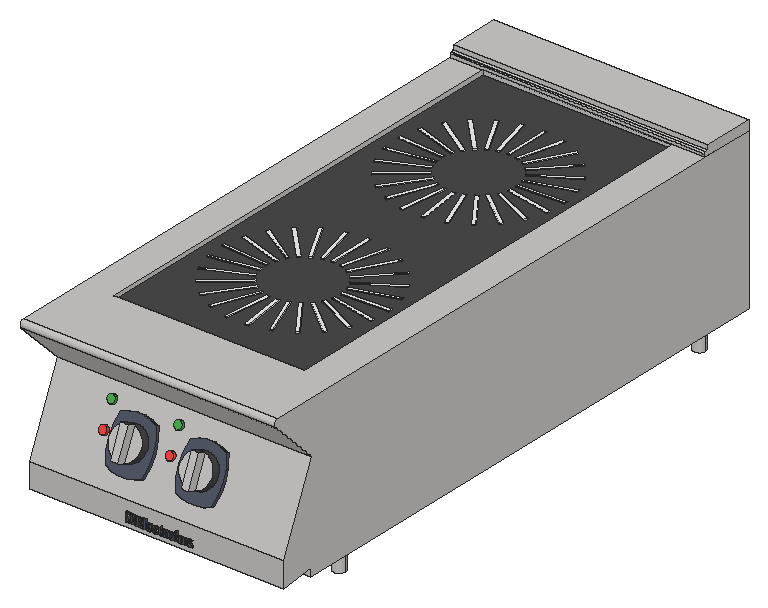
Revit family "QF_ELECTROLUXPROFESSIONAL_391168_E9INED200N", category Specialty Equipment, Revit 2018 (continued)
Definition of nested family "INDUCTION BURNER"
  Automatic sketch dimensions
    curve 26 to curve 26 = 4.755 mm
    curve 86 to curve 86 = 4.755 mm
    curve 19 to curve 20 = 3.423 mm
    curve 93 to curve 95 = 3.423 mm
    curve 17 to curve 16 = 5.657 mm
    curve 95 to curve 97 = 5.657 mm
    curve 16 to curve 13 = 2.409 mm
    curve 97 to curve 100 = 2.409 mm
    curve 99 to curve 8 = 3.543 mm
    curve 13 to curve 11 = 3.543 mm
    curve 5 to curve 8 = 1.243 mm
    curve 11 to curve 12 = 1.243 mm
    curve 9 to curve 3 = 1.206 mm
    curve 90 to curve 91 = 4.222 mm
    curve 91 to curve 94 = 21.576 mm
    plane 1 "BACK" to Extrusion 1 sketch curve = 0 mm
    plane 3 "LEFT" to Extrusion 1 sketch curve = 0.103 mm
    plane 3 "LEFT" to Extrusion 1 sketch curve = 0.416 mm
    plane 3 "LEFT" to Extrusion 1 sketch curve = 1.861 mm
    plane 3 "LEFT" to Extrusion 1 sketch curve = 2.798 mm
    plane 3 "LEFT" to Extrusion 1 sketch curve = 5.664 mm
    Extrusion 1 sketch curve to Extrusion 1 sketch curve = 1.545 mm  (x2)
    plane 3 "LEFT" to Extrusion 1 sketch curve = 11.451 mm
    Extrusion 1 sketch curve to Extrusion 1 sketch curve = 2.129 mm  (x2)
    plane 3 "LEFT" to Extrusion 1 sketch curve = 19.131 mm
    Extrusion 1 sketch curve to Extrusion 1 sketch curve = 2.679 mm  (x2)
    Extrusion 1 sketch curve to Extrusion 1 sketch curve = 15.004 mm
    Extrusion 1 sketch curve to Extrusion 1 sketch curve = 3.187 mm  (x2)
    Extrusion 1 sketch curve to Extrusion 1 sketch curve = 17.849 mm
    plane 1 "BACK" to Extrusion 1 sketch curve = 33.929 mm
    Extrusion 1 sketch curve to Extrusion 1 sketch curve = 3.645 mm  (x2)
    Extrusion 1 sketch curve to Extrusion 1 sketch curve = 20.413 mm  (x2)
    Extrusion 1 sketch curve to plane 5 "FRONT" = 23.645 mm  (x2)
    Extrusion 1 sketch curve to Extrusion 1 sketch curve = 4.045 mm  (x2)
    Extrusion 1 sketch curve to Extrusion 1 sketch curve = 22.654 mm  (x2)
    plane 1 "BACK" to Extrusion 1 sketch curve = 15.061 mm  (x2)
    Extrusion 1 sketch curve to Extrusion 1 sketch curve = 4.382 mm  (x2)
    plane 8 "Center X" to Extrusion 1 sketch curve = 1.158 mm  (x2)
    Extrusion 1 sketch curve to plane 7 "Center Y" = 58.228 mm
    Extrusion 1 sketch curve to plane 8 "Center X" = 8.447 mm  (x2)
    Extrusion 1 sketch curve to Extrusion 1 sketch curve = 0.604 mm
    plane 8 "Center X" to Extrusion 1 sketch curve = 15.603 mm  (x2)
    Extrusion 1 sketch curve to Extrusion 1 sketch curve = 1.803 mm  (x2)
    Extrusion 1 sketch curve to plane 8 "Center X" = 22.512 mm  (x2)
    Extrusion 1 sketch curve to Extrusion 1 sketch curve = 2.974 mm  (x2)
    Extrusion 1 sketch curve to plane 5 "FRONT" = 10.155 mm
    Extrusion 1 sketch curve to Extrusion 1 sketch curve = 24.538 mm  (x2)
    Extrusion 1 sketch curve to Extrusion 1 sketch curve = 4.098 mm  (x2)
    Extrusion 1 sketch curve to Extrusion 1 sketch curve = 5.157 mm  (x2)
    Extrusion 1 sketch curve to plane 5 "FRONT" = 8.314 mm  (x2)
    Extrusion 1 sketch curve to Extrusion 1 sketch curve = 4.649 mm  (x2)
    Extrusion 1 sketch curve to Extrusion 1 sketch curve = 6.135 mm  (x2)
    Extrusion 1 sketch curve to Extrusion 1 sketch curve = 7.016 mm  (x2)
    plane 1 "BACK" to Extrusion 1 sketch curve = 4.753 mm
    Extrusion 1 sketch curve to Extrusion 1 sketch curve = 26.036 mm  (x2)
    plane 1 "BACK" to Extrusion 1 sketch curve = 3.51 mm  (x2)
    Extrusion 1 sketch curve to Extrusion 1 sketch curve = 4.843 mm  (x2)
    Extrusion 1 sketch curve to Extrusion 1 sketch curve = 7.786 mm  (x2)
    Extrusion 1 sketch curve to Extrusion 1 sketch curve = 8.434 mm  (x2)
    Extrusion 1 sketch curve to plane 5 "FRONT" = 1.35 mm
    Extrusion 1 sketch curve to plane 7 "Center Y" = 18.962 mm
    Extrusion 1 sketch curve to Extrusion 1 sketch curve = 8.949 mm  (x2)
    Extrusion 1 sketch curve to plane 5 "FRONT" = 0.724 mm  (x2)
    Extrusion 1 sketch curve to Extrusion 1 sketch curve = 4.961 mm  (x2)
    Extrusion 1 sketch curve to Extrusion 1 sketch curve = 9.322 mm  (x2)
    Extrusion 1 sketch curve to plane 7 "Center Y" = 2.5 mm
    plane 7 "Center Y" to Extrusion 1 sketch curve = 2.5 mm
    plane 7 "Center Y" to Extrusion 1 sketch curve = 4.812 mm
    Extrusion 1 sketch curve to Extrusion 1 sketch curve = 9.549 mm
    plane 7 "Center Y" to Extrusion 1 sketch curve = 14.001 mm
    Extrusion 1 sketch curve to Extrusion 1 sketch curve = 27.781 mm
    Extrusion 1 sketch curve to Extrusion 1 sketch curve = 27.122 mm
    plane 8 "Center X" to Extrusion 1 sketch curve = 29.067 mm
    plane 8 "Center X" to Extrusion 1 sketch curve = 20.358 mm
    Extrusion 1 sketch curve to plane 8 "Center X" = 13.359 mm
    Extrusion 1 sketch curve to Extrusion 1 sketch curve = 0.937 mm
    plane 8 "Center X" to Extrusion 1 sketch curve = 6.149 mm
    Extrusion 1 sketch curve to Extrusion 1 sketch curve = 0.314 mm
    Extrusion 1 sketch curve to plane 4 "RIGHT" = 21.81 mm
    Extrusion 1 sketch curve to plane 4 "RIGHT" = 13.58 mm
    Extrusion 1 sketch curve to plane 4 "RIGHT" = 7.209 mm
    Extrusion 1 sketch curve to plane 4 "RIGHT" = 2.798 mm
    Extrusion 1 sketch curve to plane 4 "RIGHT" = 0.416 mm
    Extrusion 1 sketch curve to Extrusion 1 sketch curve = 0.627 mm
    Extrusion 1 sketch curve to Extrusion 1 sketch curve = 1.841 mm
    Extrusion 1 sketch curve to Extrusion 1 sketch curve = 2.939 mm  (x2)
    Extrusion 1 sketch curve to Extrusion 1 sketch curve = 19.169 mm  (x2)
    Extrusion 1 sketch curve to Extrusion 1 sketch curve = 3.853 mm  (x2)
    Extrusion 1 sketch curve to Extrusion 1 sketch curve = 23.643 mm  (x2)
    Extrusion 1 sketch curve to plane 8 "Center X" = 27.096 mm
    plane 8 "Center X" to Extrusion 1 sketch curve = 5.762 mm
    Extrusion 1 sketch curve to Extrusion 1 sketch curve = 4.755 mm
    Extrusion 1 sketch curve to Extrusion 1 sketch curve = 8.709 mm
    Extrusion 1 sketch curve to Extrusion 1 sketch curve = 4.222 mm  (x2)
    Extrusion 1 sketch curve to Extrusion 1 sketch curve = 7.416 mm  (x2)
    Extrusion 1 sketch curve to Extrusion 1 sketch curve = 3.423 mm
    Extrusion 1 sketch curve to Extrusion 1 sketch curve = 5.657 mm  (x2)
    Extrusion 1 sketch curve to Extrusion 1 sketch curve = 3.543 mm
    Extrusion 1 sketch curve to Extrusion 1 sketch curve = 1.206 mm
